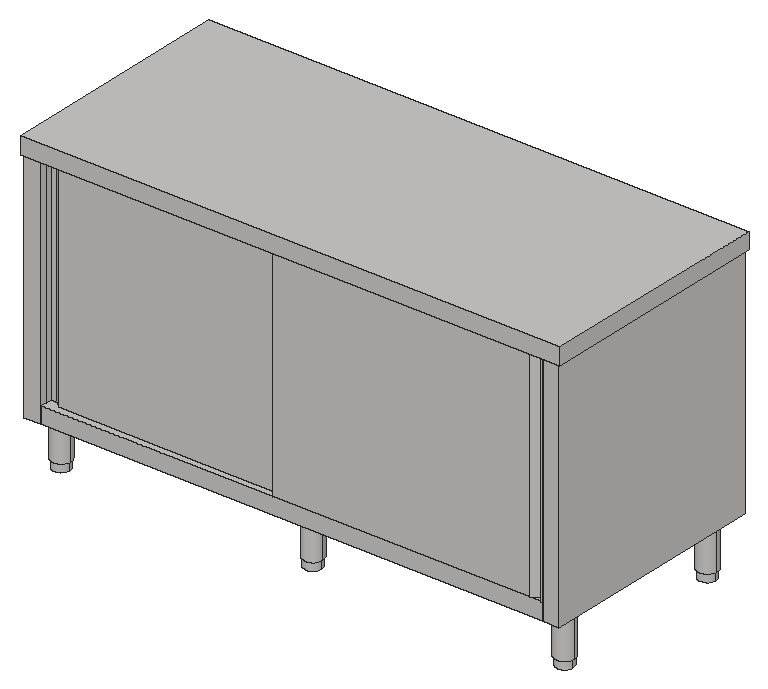
Revit family "QF_ELECTROLUXPROFESSIONAL_133086_TND1600EN", category Attrezzature speciali, Revit 2020
Family settings
  Quota connettore circolare = Usa diametro
  Tipo di parte = Normale
  Basato su piano di lavoro = No
  Sempre verticale = Sì
  Taglio con vuoti quando caricato = No
  Condiviso = No
  Punto di calcolo locali = No
Parameters (values of type "Standard")
  Weight = 65.00 kg
  Watts = 0 W
  Volts = 0 V
  URL Manufacturer = "https://www.electroluxprofessional.com/"
  URL = "https://www.electroluxprofessional.com/"
  Steam Supply Size = 0 mm
  Steam Supply Minimum Pressure = 0.0 Pa
  Steam Supply Maximum Pressure = 0.0 Pa
  Steam Consumption per Hour = 0
  Refrigeration Suction Line Size = 0.0 mm
  Refrigeration Liquid Line Size = 0.0 mm
  Refrigerant Compressor Remote = yes
  Prospetto di default = 0.0 mm
  Produttore = "Electrolux Professional"
  Phase = 0
  Modello = "TND1600EN"
  Length Actual = 1600.0 mm  # constant formula
  Item Number = "133086"
  Hot Water Size = 0 mm
  Height Actual = 900.0 mm  # constant formula
  HP = "0 HP"
  Gas Size = 0 mm
  Gas KW = 0
  Gas Input Pressure = 0 W
  Direct Waste Size = 0 mm
  Descrizione = "PASS-THROUGH WORKTOP CUPBOARD 1600 MM"
  Depth Actual = 700.0 mm  # constant formula
  Cycle = 0 Hz
  Condensate Return Size = 0 mm
  Compressed Air Volume = 0.0 L/s
  Compressed Air Size = 0 mm
  Compressed Air Pressure = 0.0 Pa
  Cold Water Size = 0 mm
  Accessory = yes
Reference planes
  plane 1 "Center (Front/Back)": y = 0
  plane 2: z = 0
  plane 3 "Center (Left/Right)": x = -300
  plane 4 "LEFT": x = -1100
  plane 5 "RIGHT": x = 500
  plane 6 "BACK": y = 350
  plane 7 "FRONT": y = -350
  plane 8 "Base": z = 850
  plane 9 "TOP": z = 900
  plane 10: x = -1046.9
  plane 11: x = 446.9
  plane 12: y = 264.5
  plane 13: y = -264.5
  plane 14 "BodyLeft": x = -1094.5
  plane 15 "BodyFront": y = -344.5
  plane 16 "BodyRight": x = 494.5
  plane 17 "BodyBack": y = 344.5
  plane 18 "FEET": z = 150
  plane 19: x = -245.5
  plane 20: x = -354.5
Forms (mm)
  Extrusion 1, solid, material "QF_Finishes_Stainless Steel"
    sketch origin (-300, 0, 0) x (0, 1, 0) y (0, 0, 1)
      loop
        line (-350, 850) -> (350, 850) -> (350, 900) -> (-350, 900) -> (-350, 850)
    from 800 to -800
  Extrusion 2, solid, material "QF_Finishes_Stainless Steel"
    sketch origin (0, 0, 150) x (-1, 0, 0) y (0, -1, 0)
      loop
        line (1094.5, -344.5) -> (1094.5, 344.5) -> (1044.5, 344.5) -> (1044.5, -344.5) -> (1094.5, -344.5)
      loop
        line (-444.5, -344.5) -> (-444.5, 344.5) -> (-494.5, 344.5) -> (-494.5, -344.5) -> (-444.5, -344.5)
    from 0 to 700
  Extrusion 3, solid, material "QF_Finishes_Stainless Steel"
    sketch origin (0, 0, 150) x (-1, 0, 0) y (0, -1, 0)
      loop
        line (1044.5, -344.5) -> (1044.5, 344.5) -> (-444.5, 344.5) -> (-444.5, -344.5) -> (1044.5, -344.5)
    from 0 to 50
  Extrusion 4, solid, material "QF_Finishes_Stainless Steel"
    sketch origin (0, 0, 150) x (-1, 0, 0) y (0, -1, 0)
      loop
        line (-445.9, 344.5) -> (-445.9, 324.5) -> (354.5, 324.5) -> (354.5, 344.5) -> (-405.9, 344.5) -> (-425.9, 329.5) -> (-440.9, 329.5) -> (-440.9, 344.5) -> (-445.9, 344.5)
    from 50 to 700
  Extrusion 5, solid, material "QF_Finishes_Stainless Steel"
    sketch origin (0, 20, 150) x (1, 0, 0) y (0, 1, 0)
      loop
        line (-1045.9, -344.5) -> (-1040.9, -344.5) -> (-1040.9, -329.5) -> (-1025.9, -329.5) -> (-1005.9, -344.5) -> (-245.5, -344.5) -> (-245.5, -324.5) -> (-1045.9, -324.5) -> (-1045.9, -344.5)
    from 50 to 700
  Extrusion 6, solid, material "QF_Finishes_Stainless Steel"
    sketch origin (0, 0, 150) x (-1, 0, 0) y (0, -1, 0)
      loop
        line (-444.5, -344.5) -> (-439.5, -344.5) -> (-439.5, -329.5) -> (-424.5, -329.5) -> (-404.5, -344.5) -> (354.5, -344.5) -> (354.5, -324.5) -> (-444.5, -324.5) -> (-444.5, -344.5)
    from 50 to 700
  Extrusion 7, solid, material "QF_Finishes_Stainless Steel"
    sketch origin (0, -20, 150) x (1, 0, 0) y (0, 1, 0)
      loop
        line (-1044.5, 344.5) -> (-1044.5, 324.5) -> (-245.5, 324.5) -> (-245.5, 344.5) -> (-1004.5, 344.5) -> (-1024.5, 329.5) -> (-1039.5, 329.5) -> (-1039.5, 344.5) -> (-1044.5, 344.5)
    from 50 to 700
  Extrusion 8, solid, material "QF_Finishes_Stainless Steel"
    sketch origin (0, 0, 0) x (1, 0, 0) y (0, 1, 0)
      loop
        line (-1044.5, -304.5) -> (444.5, -304.5) -> (444.5, 304.5) -> (-1044.5, 304.5) -> (-1044.5, -304.5)
    from 500 to 540
Lines and regions (mm)
  symbolic lines
    curve 1: line (500, 350, 900) -> (-1100, 350, 900)
    curve 2: line (-1100, 350, 900) -> (-1100, -350, 900)
    curve 3: line (-1100, -350, 900) -> (500, -350, 900)
    curve 4: line (500, -350, 900) -> (500, 350, 900)
  symbolic lines, style "SpecialityEquipmentHiddenLines"
    curve 5: line (-1094.5, 344.5, 150) -> (494.5, 344.5, 150)
    curve 6: line (-1094.5, -344.5, 150) -> (-1094.5, 344.5, 150)
    curve 7: line (494.5, -344.5, 150) -> (-1094.5, -344.5, 150)
    curve 8: line (494.5, 344.5, 150) -> (494.5, -344.5, 150)
    curve 9: line (-1045.9, -304.5, 150) -> (-245.5, -304.5, 150)
    curve 10: line (-245.5, -304.5, 150) -> (-245.5, -324.5, 150)
    curve 11: line (-1045.9, -324.5, 150) -> (445.9, -324.5, 150)
    curve 12: line (445.9, -324.5, 150) -> (445.9, -344.5, 150)
    curve 13: line (-354.5, -324.5, 150) -> (-354.5, -344.5, 150)
    curve 14: line (-1045.9, -304.5, 150) -> (-1045.9, -324.5, 150)
Dimensions and locks
  plane 4 "LEFT" to plane 5 "RIGHT" = 1600.0 mm
  equal spacing: plane 4 "LEFT", plane 3 "Center (Left/Right)", plane 5 "RIGHT"
  locked: plane 8 "Base" to level at 850
  plane 9 "TOP" to level = 900.0 mm
  plane 6 "BACK" to plane 7 "FRONT" = 700.0 mm
  equal spacing: plane 6 "BACK", plane 1 "Center (Front/Back)", plane 7 "FRONT"
  locked: plane 4 "LEFT" to plane 14 "BodyLeft" at 5.5
  locked: plane 16 "BodyRight" to plane 5 "RIGHT" at 5.5
  locked: plane 15 "BodyFront" to plane 7 "FRONT" at 5.5
  locked: plane 6 "BACK" to plane 17 "BodyBack" at 5.5
  locked: plane 14 "BodyLeft" to plane 10 at 47.6
  locked: plane 11 to plane 16 "BodyRight" at 47.6
  locked: plane 13 to plane 15 "BodyFront" at 80
  locked: plane 17 "BodyBack" to plane 12 at 80
  plane 10 to plane 11 = 1493.8 mm
  plane 12 to plane 13 = 529.0 mm
  locked: plane 14 "BodyLeft" to Extrusion 2 sketch curve at 50
  locked: Extrusion 2 sketch curve to Extrusion 2 sketch curve at 50
  locked: plane 3 "Center (Left/Right)" to plane 19 at 54.5
  locked: plane 20 to plane 3 "Center (Left/Right)" at 54.5
  locked: plane 18 "FEET" to level at 150
  aligned and locked: level to plane 2
  aligned and locked: plane 10 to nested 1
  aligned and locked: nested 1 to plane 13
  aligned and locked: plane 11 to nested 2
  aligned and locked: nested 2 to plane 13
  aligned and locked: plane 11 to nested 4
  aligned and locked: nested 4 to plane 12
  aligned and locked: plane 10 to nested 3
  aligned and locked: nested 3 to plane 12
  aligned and locked: Extrusion 1 to plane 4 "LEFT"
  aligned and locked: plane 5 "RIGHT" to Extrusion 1
  aligned and locked: curve 2 to plane 4 "LEFT"
  aligned and locked: plane 17 "BodyBack" to Extrusion 2 sketch curve
  aligned and locked: Extrusion 2 sketch curve to plane 15 "BodyFront"
  aligned and locked: Extrusion 2 sketch curve to plane 14 "BodyLeft"
  aligned and locked: plane 16 "BodyRight" to Extrusion 2 sketch curve
  aligned and locked: Extrusion 2 sketch curve to plane 17 "BodyBack"
  aligned and locked: plane 15 "BodyFront" to Extrusion 2 sketch curve
  aligned and locked: Extrusion 3 sketch curve to plane 17 "BodyBack"
  aligned and locked: plane 15 "BodyFront" to Extrusion 3 sketch curve
  aligned and locked: plane 8 "Base" to Extrusion 2
  aligned and locked: plane 8 "Base" to Extrusion 4
  aligned and locked: Extrusion 4 to Extrusion 3
  aligned and locked: Extrusion 5 sketch curve to plane 19
  aligned and locked: Extrusion 4 sketch curve to plane 20
  aligned and locked: Extrusion 1 to plane 8 "Base"
  aligned and locked: plane 9 "TOP" to Extrusion 1
  aligned and locked: curve 5 to plane 17 "BodyBack"
  aligned and locked: plane 14 "BodyLeft" to curve 6
  aligned and locked: plane 15 "BodyFront" to curve 7
  aligned and locked: plane 16 "BodyRight" to curve 8
  aligned and locked: Extrusion 3 to Extrusion 2  (x2)
  aligned and locked: Extrusion 8 sketch curve to Extrusion 7
  aligned and locked: Extrusion 8 sketch curve to Extrusion 2  (x2)
  aligned and locked: Extrusion 8 sketch curve to Extrusion 5
  aligned and locked: plane 3 "Center (Left/Right)" to nested 5
  aligned and locked: plane 3 "Center (Left/Right)" to nested 6
Automatic sketch dimensions
  curve 3 to plane 7 "FRONT" = 0.0 mm
  curve 4 to plane 6 "BACK" = 0.0 mm
  Extrusion 1 sketch curve to plane 7 "FRONT" = 0.0 mm
  Extrusion 1 sketch curve to plane 6 "BACK" = 0.0 mm
  Extrusion 1 sketch curve to plane 8 "Base" = 0.0 mm
  Extrusion 1 sketch curve to plane 9 "TOP" = 0.0 mm
  Extrusion 3 sketch curve to plane 11 = 2.4 mm
  plane 10 to Extrusion 3 sketch curve = 2.4 mm
  Extrusion 4 sketch curve to plane 15 "BodyFront" = 0.0 mm  (x2)
  Extrusion 4 sketch curve to plane 11 = 41.0 mm
  Extrusion 4 sketch curve to plane 11 = 21.0 mm
  Extrusion 4 sketch curve to plane 11 = 6.0 mm
  Extrusion 4 sketch curve to plane 11 = 1.0 mm
  plane 15 "BodyFront" to Extrusion 4 sketch curve = 15.0 mm
  plane 15 "BodyFront" to Extrusion 4 sketch curve = 20.0 mm
  Extrusion 5 sketch curve to plane 15 "BodyFront" = 20.0 mm  (x2)
  Extrusion 5 sketch curve to plane 10 = 41.0 mm
  Extrusion 5 sketch curve to plane 10 = 21.0 mm
  Extrusion 5 sketch curve to plane 10 = 6.0 mm
  Extrusion 5 sketch curve to plane 10 = 1.0 mm
  Extrusion 5 sketch curve to Extrusion 5 sketch curve = 15.0 mm
  Extrusion 5 sketch curve to Extrusion 5 sketch curve = 20.0 mm
  curve 10 to plane 19 = 0.0 mm
  curve 13 to plane 20 = 0.0 mm
  curve 11 to plane 11 = 1.0 mm
  plane 10 to curve 11 = 1.0 mm
  plane 15 "BodyFront" to curve 9 = 40.0 mm
  curve 12 to curve 12 = 20.0 mm
  Extrusion 6 sketch curve to plane 17 "BodyBack" = 0.0 mm  (x2)
  Extrusion 6 sketch curve to plane 20 = 0.0 mm
  plane 11 to Extrusion 6 sketch curve = 42.4 mm
  plane 11 to Extrusion 6 sketch curve = 22.4 mm
  plane 11 to Extrusion 6 sketch curve = 7.4 mm
  plane 11 to Extrusion 6 sketch curve = 2.4 mm
  plane 17 "BodyBack" to Extrusion 6 sketch curve = 15.0 mm
  plane 17 "BodyBack" to Extrusion 6 sketch curve = 20.0 mm
  Extrusion 7 sketch curve to plane 19 = 0.0 mm
  Extrusion 7 sketch curve to plane 17 "BodyBack" = 20.0 mm  (x2)
  plane 10 to Extrusion 7 sketch curve = 42.4 mm
  plane 10 to Extrusion 7 sketch curve = 22.4 mm
  plane 10 to Extrusion 7 sketch curve = 7.4 mm
  plane 10 to Extrusion 7 sketch curve = 2.4 mm
  Extrusion 7 sketch curve to Extrusion 7 sketch curve = 15.0 mm
  Extrusion 7 sketch curve to Extrusion 7 sketch curve = 20.0 mm
  curve 4 to plane 5 "RIGHT" = 0.0 mm
Nested families
  nested 1: "FEET_D58-150" at (-1046.9, -264.5, 0), type "FEET_D58-150"
  nested 2: "FEET_D58-150" at (446.9, -264.5, 0), type "FEET_D58-150"
  nested 3: "FEET_D58-150" at (-1046.9, 264.5, 0), type "FEET_D58-150"
  nested 4: "FEET_D58-150" at (446.9, 264.5, 0), type "FEET_D58-150"
  nested 5: "FEET_D58-150" at (-300, -264.5, 0), type "FEET_D58-150"
  nested 6: "FEET_D58-150" at (-300, 264.5, 0), type "FEET_D58-150"
Definition of nested family "FEET_D58-150"
  Parameters
    Default Elevation = 0.0 mm
    FEET = 150.0 mm
  Reference planes
    plane 1 "Center (Front/Back)": y = 0
    plane 2: z = 0
    plane 3 "Center (Left/Right)": x = 0
    plane 4: z = 150
  Forms (mm)
    Extrusion 1, solid
      sketch origin (0, 0, 0) x (1, 0, 0) y (0, 1, 0)
        loop
          circle (0, 0) r 25
      from 0 to 25
    Extrusion 2, solid
      sketch origin (0, 0, 0) x (1, 0, 0) y (0, 1, 0)
        loop
          circle (0.061, 0) r 29
      from 25 to 150 <- "FEET"
  Lines and regions (mm)
    symbolic lines
      curve 1: line (0, -1.503, 0) -> (0, 1.508, 0)
      curve 2: line (1.561, 0, 0) -> (-1.439, 0, 0)
  Dimensions and locks
    "FEET": plane 4 to plane 2
    aligned and locked: level to plane 2
  Automatic sketch dimensions
    plane 1 "Center (Front/Back)" to Extrusion 1 sketch curve = 0.0 mm
    Extrusion 1 sketch curve to plane 3 "Center (Left/Right)" = 0.0 mm
    plane 1 "Center (Front/Back)" to curve 2 = 0.0 mm
    curve 1 to plane 3 "Center (Left/Right)" = 0.0 mm
    curve 2 to plane 3 "Center (Left/Right)" = 1.439 mm
    plane 3 "Center (Left/Right)" to curve 2 = 1.561 mm
    plane 1 "Center (Front/Back)" to curve 1 = 1.503 mm
    curve 1 to plane 1 "Center (Front/Back)" = 1.508 mm
    plane 1 "Center (Front/Back)" to Extrusion 2 sketch curve = 0.0 mm
    plane 3 "Center (Left/Right)" to Extrusion 2 sketch curve = 0.061 mm
    radius of Extrusion 1 sketch curve = 25.0 mm
    radius of Extrusion 2 sketch curve = 29.0 mm
